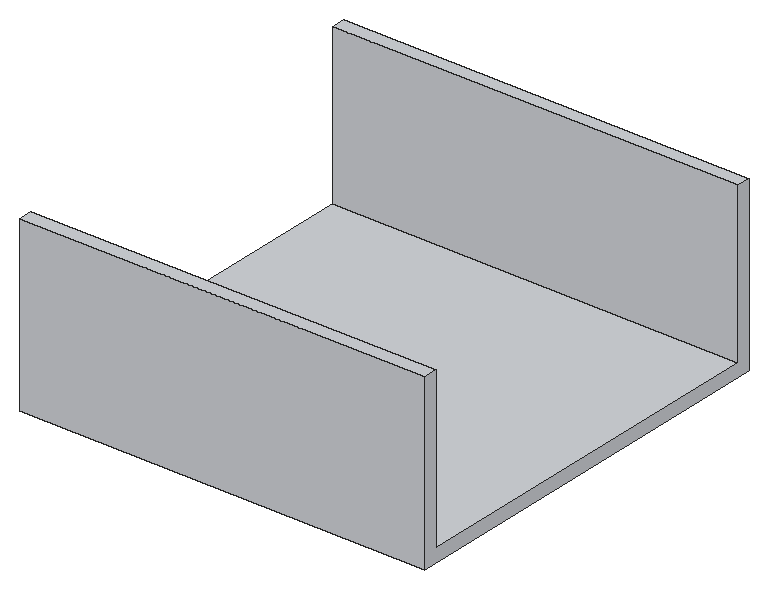
Revit family "Cable Tray", category Cable Tray Fittings, Revit 2022
Family settings
  Round Connector Dimension = Use Diameter
  Part Type = Channel Union
  OmniClass Number = 23.80.30.17.17
  OmniClass Title = Cable Trays and Horizontal Racks
  Work Plane-Based = No
  Always vertical = Yes
  Cut with Voids When Loaded = No
  Shared = No
Parameters (values of type "標準")
  起点の表示 [instance] = yes
  終点の表示 [instance] = yes
  ラック注釈の幅 [instance] = if(ラックの倍率 > 0, トレイ幅 * ラックの倍率, トレイ幅)  # 75 mm
  ラックの倍率 [instance] = 1
  トレイ幅 [instance] = 75 mm
  トレイ長さ [instance] = 75 mm
  トレイ高さ [instance] = 32 mm
  built-in parameter 1114242 [instance] = 1 < 0  # (empty or 0)
  Default Elevation [instance] = 2.5 mm
  built-in parameter 1154647 = 0 mm
Reference planes
  plane 1 "中心(正面/背面)": y = 0
  plane 2: z = 0
  plane 3 "中心(左/右)": x = 0
  plane 4: x = 37.5
  plane 5: y = 37.5
  plane 6: y = -37.5
  plane 7: z = 16
  plane 8: z = -16
  plane 9: z = -13.5
  plane 10: y = 35
  plane 11: y = -35
  plane 12: y = 37.5
  plane 13: y = -37.5
  plane 14: z = 16
  plane 15: z = -16
  plane 16: x = 75
Forms (mm)
  Sweep 1, solid, detail levels fine
    path in 3D
      loop
        line (0, 0, 0) -> (75, 0, 0)
    profile origin (37.5, 0, 0) x (0, 1, 0) y (0, 0, 1)
      loop
        line (37.5, -16) -> (37.5, 16) -> (35, 16) -> (35, -13.5) -> (-35, -13.5) -> (-35, 16) -> (-37.5, 16) -> (-37.5, -16) -> (37.5, -16)
  Sweep 2, solid, detail levels coarse+medium
    path in 3D
      loop
        line (0, 0, 0) -> (75, 0, 0)
    profile origin (37.5, 0, 0) x (0, 1, 0) y (0, 0, 1)
      loop
        line (37.5, 16) -> (-37.5, 16) -> (-37.5, -16) -> (37.5, -16) -> (37.5, 16)
Lines and regions (mm)
  model lines, not visible, detail levels coarse
    curve 1: line (0, 0, 0) -> (75, 0, 0)
  sketch lines
    curve 2: line (0, 0, 0) -> (75, 0, 0)
    curve 3: line (0, 0, 0) -> (75, 0, 0)
  symbolic lines, style "Boundary"
    curve 4: line (0, 37.5, 0) -> (75, 37.5, 0)
    curve 6: line (75, -37.5, 0) -> (0, -37.5, 0)
  symbolic lines, style "Boundary", visible <- "起点の表示"
    curve 5: line (0, -37.5, 0) -> (0, 37.5, 0)
  symbolic lines, style "Boundary", visible <- "終点の表示"
    curve 7: line (75, 37.5, 0) -> (75, -37.5, 0)
Dimensions and locks
  equal spacing: plane 5, plane 1 "中心(正面/背面)", plane 6
  "トレイ幅": plane 5 to plane 6
  equal spacing: plane 7, plane 2, plane 8
  "トレイ高さ": plane 7 to plane 8
  "Default Elevation": plane 5 to plane 10
  "Default Elevation": plane 11 to plane 6
  "Default Elevation": plane 8 to plane 9
  "トレイ幅": plane 12 to plane 13
  equal spacing: plane 12, plane 1 "中心(正面/背面)", plane 13
  equal spacing: plane 14, plane 2, plane 15
  "トレイ高さ": plane 14 to plane 15
  equal spacing: plane 3 "中心(左/右)", plane 4, plane 16
  "トレイ長さ": plane 3 "中心(左/右)" to plane 16
  equal spacing: curve 4, plane 1 "中心(正面/背面)", curve 6
  "ラック注釈の幅": curve 4 to curve 6
  aligned and locked: plane 1 "中心(正面/背面)" to curve 1
  aligned and locked: plane 6 to Sweep 1 sketch curve  (x2)
  aligned and locked: plane 8 to Sweep 1 sketch curve  (x2)
  aligned and locked: Sweep 1 sketch curve to plane 5
  aligned and locked: plane 7 to Sweep 1 sketch curve  (x3)
  aligned and locked: plane 11 to Sweep 1 sketch curve  (x2)
  aligned and locked: plane 9 to Sweep 1 sketch curve  (x2)
  aligned and locked: plane 10 to Sweep 1 sketch curve  (x2)
  aligned and locked: Sweep 1 sketch curve to plane 7
  aligned and locked: Sweep 2 sketch curve to plane 14
  aligned and locked: Sweep 2 sketch curve to plane 15
  aligned and locked: plane 13 to Sweep 2 sketch curve
  aligned and locked: plane 12 to Sweep 2 sketch curve
  aligned and locked: plane 16 to curve 1
  aligned and locked: plane 3 "中心(左/右)" to curve 1
Connectors
  cabletrayconduit at (0, 0, 0), diameter 609.6, driven by "トレイ高さ", driven by "トレイ幅"
    settings: on Sweep 2, index 1, connector width 75 mm, connector height 32 mm, connector angle 0.00°, system type 32, placement type 0, profile type 1, connector reference index 2, is primary connector yes, connector utility param no, connector description ""
  cabletrayconduit at (75, 0, 0), diameter 609.6, driven by "トレイ高さ", driven by "トレイ幅"
    settings: on Sweep 2, index 2, connector width 75 mm, connector height 32 mm, connector angle 0.00°, system type 32, placement type 0, profile type 1, connector reference index 1, is primary connector no, connector utility param no, connector description ""
